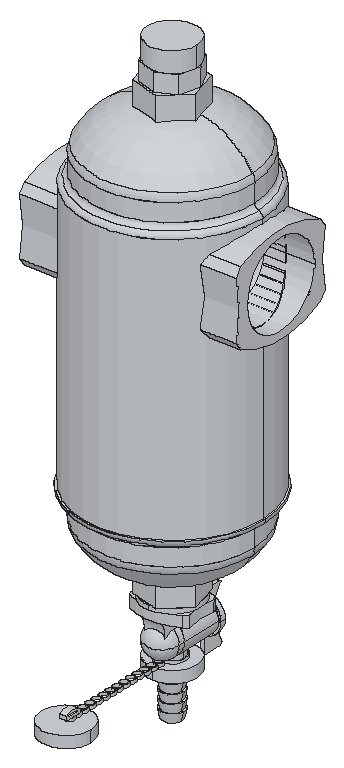
Revit family "Magnetic Dirt Separator-R146MY014", category Plumbing Fixtures, Revit 2015
Reference planes
  plane 1 "Center (Front/Back)": y = 0
  plane 2: z = 0
  plane 3 "Center (Left/Right)": x = 0
  plane 4: z = 191
  plane 5: z = 274
  plane 6: x = -40.5
  plane 7: x = 40.5
  plane 8: x = -48.5
  plane 9: x = 48.5
  plane 10: y = 27.082
  plane 11: y = -27.082
  plane 12: y = 27.082
  plane 13: y = -27.082
  plane 14: x = 27.082
  plane 15: x = -27.082
Forms (mm)
  Revolve 1, solid
    sketch origin (0, 0, 3) x (1, 0, 0) y (0, 0, 1)
      loop
        line (-40.5, 211.739) -> (-40.5, 90.761) -> (-41.5, 90.761)
        arc (-41.5, 90.761) -> (-40.94, 89.051) -> (-39.307, 88.292) r 2.26
        arc (-39.307, 88.292) -> (-37.572, 87.534) -> (-36.859, 85.781) r 2.512
        line (-36.859, 85.781) -> (-36.859, 77.938)
        arc (-36.859, 77.938) -> (-36.627, 76.169) -> (-35.945, 74.52) r 6.846
        arc (-35.945, 74.52) -> (-25.668, 63.62) -> (-11.589, 58.503) r 32.422
        line (-11.589, 58.503) -> (0, 58.503) -> (0, 244) -> (-11.591, 244)
        arc (-11.591, 244) -> (-25.673, 238.883) -> (-35.951, 227.981) r 32.426
        arc (-35.951, 227.981) -> (-36.634, 226.331) -> (-36.866, 224.561) r 6.849
        line (-36.866, 224.561) -> (-36.866, 216.561)
        arc (-36.866, 216.561) -> (-37.371, 215.051) -> (-38.683, 214.15) r 2.508
        arc (-38.683, 214.15) -> (-39.995, 213.248) -> (-40.5, 211.739) r 2.508
      axis (0, 244) -> (0, 58.503)
    angle from 0 to 360
  Extrusion 2, solid
    sketch origin (0, 0, 245.912) x (1, 0, 0) y (0, 1, 0)
      loop
        line (9.899, 9.899) -> (-3.623, 13.523) -> (-13.523, 3.623) -> (-9.899, -9.899) -> (3.623, -13.523) -> (13.523, -3.623) -> (9.899, 9.899)
    from -0.912 to 11.088
  Extrusion 3, solid
    sketch origin (0, 0, 257) x (1, 0, 0) y (0, 1, 0)
      loop
        line (7.713, 9.193) -> (-1.046, 11.954) -> (-9.193, 7.713) -> (-11.954, -1.046) -> (-7.713, -9.193) -> (1.046, -11.954) -> (9.193, -7.713) -> (11.954, 1.046) -> (7.713, 9.193)
    from 0 to 8
  Extrusion 4, solid
    sketch origin (0, 0, 265) x (1, 0, 0) y (0, 1, 0)
      loop
        circle (0, 0) r 11
    from 0 to 9
  Extrusion 5, solid
    sketch origin (-37.5, 0, 23.737) x (0, 1, 0) y (0, 0, -1)
      loop
        circle (0, -167.263) r 19
      loop
        line (22.059, -183.951) -> (24.672, -180.219)
        arc (24.672, -180.219) -> (23.424, -167.263) -> (24.672, -154.307) r 67.882
        line (24.672, -154.307) -> (22.059, -150.575)
        arc (22.059, -150.575) -> (0, -145.263) -> (-22.059, -150.575) r 48.457
        line (-22.059, -150.575) -> (-24.672, -154.307)
        arc (-24.672, -154.307) -> (-23.424, -167.263) -> (-24.672, -180.219) r 67.882
        line (-24.672, -180.219) -> (-22.059, -183.951)
        arc (-22.059, -183.951) -> (0, -189.263) -> (22.059, -183.951) r 48.457
    from -10.938 to 11.062
  Revolve 6, solid
    sketch origin (0, 0, 0) x (1, 0, 0) y (0, 0, 1)
      loop
        line (-5.119, 19.706) -> (-4.304, 15.76) -> (-5.119, 15.76) -> (-4.304, 11.814) -> (-5.119, 11.814) -> (-4.304, 7.868) -> (-5.119, 7.868) -> (-4.304, 3.922) -> (-5.119, 3.922) -> (-4.309, 0) -> (0, 0) -> (0, 19.706) -> (-5.119, 19.706)
      axis (0, 19.706) -> (0, 0)
    angle from 0 to 360
  Extrusion 7, solid
    sketch origin (0, 0, 51.5) x (0, -1, 0) y (1, 0, 0)
      loop
        line (-9.899, 9.899) -> (-13.523, -3.623) -> (-3.623, -13.523) -> (9.899, -9.899) -> (13.523, 3.623) -> (3.623, 13.523) -> (-9.899, 9.899)
    from -0.912 to 11.088
  Extrusion 8, solid
    sketch origin (0, 0, 43.706) x (0, -1, 0) y (1, 0, 0)
      loop
        circle (0, 0) r 11.105
      loop
        line (-8.942, -11.82) -> (-6.943, -13.221)
        arc (-6.943, -13.221) -> (0, -12.552) -> (6.943, -13.221) r 36.375
        line (6.943, -13.221) -> (8.942, -11.82)
        arc (8.942, -11.82) -> (11.789, 0) -> (8.942, 11.82) r 25.966
        line (8.942, 11.82) -> (6.943, 13.221)
        arc (6.943, 13.221) -> (0, 12.552) -> (-6.943, 13.221) r 36.375
        line (-6.943, 13.221) -> (-8.942, 11.82)
        arc (-8.942, 11.82) -> (-11.789, 0) -> (-8.942, -11.82) r 25.966
    from 0 to 5
  Extrusion 9, solid
    sketch origin (0, 0, 19.706) x (0, -1, 0) y (1, 0, 0)
      loop
        circle (0, 0) r 11
    from 0 to 4.971
  Extrusion 10, solid
    sketch origin (37.5, 0, 23.737) x (0, 1, 0) y (0, 0, 1)
      loop
        circle (0, 167.263) r 19
      loop
        arc (22.059, 183.951) -> (0, 189.263) -> (-22.059, 183.951) r 48.457
        line (-22.059, 183.951) -> (-24.672, 180.219)
        arc (-24.672, 180.219) -> (-23.424, 167.263) -> (-24.672, 154.307) r 67.882
        line (-24.672, 154.307) -> (-22.059, 150.575)
        arc (-22.059, 150.575) -> (0, 145.263) -> (22.059, 150.575) r 48.457
        line (22.059, 150.575) -> (24.672, 154.307)
        arc (24.672, 154.307) -> (23.424, 167.263) -> (24.672, 180.219) r 67.882
        line (24.672, 180.219) -> (22.059, 183.951)
    from -10.938 to 11.062
  Extrusion 11, solid
    sketch origin (0, 0, 44.706) x (0, -1, 0) y (1, 0, 0)
      loop
        circle (0, 0) r 13
    from 4 to 6
  Extrusion 12, solid
    sketch origin (0, -59.562, 19.677) x (-1, 0, 0) y (0, -1, 0)
      loop
        circle (0, 0) r 11
    from 0 to 5
  Extrusion 13, solid
    sketch origin (0, 10.938, -134.258) x (1, 0, 0) y (0, 0, -1)
      loop
        circle (0, -167.996) r 7.5
    from -13.595 to 5.209
  Revolve 14, solid
    sketch origin (0, -2.656, 33.727) x (0, -1, 0) y (1, 0, 0)
      loop
        line (0, 7.5) -> (0, 0) -> (10.635, 0)
        arc (10.635, 0) -> (8.319, 5.314) -> (2.95, 7.5) r 7.687
        line (2.95, 7.5) -> (0, 7.5)
      axis (0, 0) -> (10.635, 0)
    angle from 0 to 360
  Extrusion 15, solid
    sketch origin (0, 0, 14.706) x (-1, 0, 0) y (0, -1, 0)
      loop
        circle (0, 0) r 5.119
    from 9.971 to 16.528
  Revolve 16, solid
    sketch origin (0, 16.384, 33.727) x (0, 1, 0) y (-1, 0, 0)
      loop
        line (0.632, -8.291) -> (2.722, -8.291)
        arc (2.722, -8.291) -> (3.657, -4.191) -> (4.004, 0) r 29.769
        line (4.004, 0) -> (-1.726, 0) -> (-1.726, -5.865) -> (2.031, -5.865) -> (2.031, -7.491) -> (0.632, -7.491) -> (0.632, -8.291)
      axis (-1.726, 0) -> (4.004, 0)
    angle from 0 to 360
  Extrusion 17, solid
    sketch origin (4.688, 0, 0) x (0, -1, 0) y (0, 0, 1)
      loop
        line (11.329, 43.706) -> (-11.171, 43.706)
        arc (-11.171, 43.706) -> (-9.919, 40.677) -> (-9.876, 37.399) r 8.706
        line (-9.876, 37.399) -> (10.033, 37.399)
        arc (10.033, 37.399) -> (10.077, 40.677) -> (11.329, 43.706) r 8.706
    from -0.08 to 9.224
  Extrusion 18, solid
    sketch origin (1, 0, 0) x (0, -1, 0) y (0, 0, 1)
      loop
        line (-17.015, 42.013) -> (-17.015, 44.152) -> (-25.165, 44.152)
        arc (-25.165, 44.152) -> (-25.684, 43.831) -> (-25.628, 43.224) r 0.579
        line (-25.628, 43.224) -> (-20.328, 34.998)
        arc (-20.328, 34.998) -> (-19.907, 38.541) -> (-19.091, 42.013) r 31.634
        line (-19.091, 42.013) -> (-17.015, 42.013)
      loop
        line (-17.017, 25.437) -> (-19.084, 25.437)
        arc (-19.084, 25.437) -> (-19.905, 28.921) -> (-20.328, 32.476) r 31.634
        line (-20.328, 32.476) -> (-26.147, 19.717)
        arc (-26.147, 19.717) -> (-26.054, 18.428) -> (-24.921, 17.809) r 1.348
        line (-24.921, 17.809) -> (-17.017, 17.809) -> (-17.017, 25.437)
    from 0 to 2
  Extrusion 19, solid
    sketch origin (0, 0, 24.677) x (0, -1, 0) y (1, 0, 0)
      loop
        arc (9.667, 0.599) -> (7.817, 2.01) -> (5.874, 0.731) r 2.011
        arc (5.874, 0.731) -> (-0.366, 5.908) -> (-5.919, 0) r 5.919
        arc (-5.919, 0) -> (-0.366, -5.908) -> (5.874, -0.731) r 5.919
        arc (5.874, -0.731) -> (7.817, -2.01) -> (9.667, -0.599) r 2.011
        arc (9.667, -0.599) -> (11.587, -2.011) -> (13.506, -0.599) r 2.011
        arc (13.506, -0.599) -> (15.426, -2.011) -> (17.346, -0.599) r 2.011
        arc (17.346, -0.599) -> (19.265, -2.011) -> (21.185, -0.599) r 2.011
        arc (21.185, -0.599) -> (23.104, -2.011) -> (25.024, -0.599) r 2.011
        arc (25.024, -0.599) -> (26.944, -2.011) -> (28.863, -0.599) r 2.011
        arc (28.863, -0.599) -> (30.783, -2.011) -> (32.702, -0.599) r 2.011
        arc (32.702, -0.599) -> (34.622, -2.011) -> (36.541, -0.599) r 2.011
        arc (36.541, -0.599) -> (38.461, -2.011) -> (40.381, -0.599) r 2.011
        arc (40.381, -0.599) -> (42.3, -2.011) -> (44.22, -0.599) r 2.011
        arc (44.22, -0.599) -> (46.139, -2.011) -> (48.059, -0.599) r 2.011
        arc (48.059, -0.599) -> (49.979, -2.011) -> (51.898, -0.599) r 2.011
        arc (51.898, -0.599) -> (53.818, -2.011) -> (55.737, -0.599) r 2.011
        arc (55.737, -0.599) -> (57.96, -1.988) -> (59.668, 0) r 2.011
        arc (59.668, 0) -> (57.96, 1.988) -> (55.737, 0.599) r 2.011
        arc (55.737, 0.599) -> (53.818, 2.011) -> (51.898, 0.599) r 2.011
        arc (51.898, 0.599) -> (49.979, 2.011) -> (48.059, 0.599) r 2.011
        arc (48.059, 0.599) -> (46.139, 2.011) -> (44.22, 0.599) r 2.011
        arc (44.22, 0.599) -> (42.3, 2.011) -> (40.381, 0.599) r 2.011
        arc (40.381, 0.599) -> (38.461, 2.011) -> (36.541, 0.599) r 2.011
        arc (36.541, 0.599) -> (34.622, 2.011) -> (32.702, 0.599) r 2.011
        arc (32.702, 0.599) -> (30.783, 2.011) -> (28.863, 0.599) r 2.011
        arc (28.863, 0.599) -> (26.944, 2.011) -> (25.024, 0.599) r 2.011
        arc (25.024, 0.599) -> (23.104, 2.011) -> (21.185, 0.599) r 2.011
        arc (21.185, 0.599) -> (19.265, 2.011) -> (17.346, 0.599) r 2.011
        arc (17.346, 0.599) -> (15.426, 2.011) -> (13.506, 0.599) r 2.011
        arc (13.506, 0.599) -> (11.587, 2.011) -> (9.667, 0.599) r 2.011
      loop
        circle (7.748, 0) r 1.828
      loop
        circle (11.587, 0) r 1.828
      loop
        circle (15.426, 0) r 1.828
      loop
        circle (19.265, 0) r 1.828
      loop
        circle (23.104, 0) r 1.828
      loop
        circle (26.944, 0) r 1.828
      loop
        circle (30.783, 0) r 1.828
      loop
        circle (34.622, 0) r 1.828
      loop
        circle (38.461, 0) r 1.828
      loop
        circle (42.3, 0) r 1.828
      loop
        circle (46.139, 0) r 1.828
      loop
        circle (49.979, 0) r 1.828
      loop
        circle (53.818, 0) r 1.828
      loop
        circle (0, 0) r 5.119
      loop
        circle (57.657, 0) r 1.828
    from 0 to 1
  Extrusion 20, solid
    sketch origin (0, 1.905, -3.024) x (0, -1, 0) y (0, 0, 1)
      loop
        line (55.828, 28.935) -> (63.295, 28.935) -> (63.295, 30.576)
        arc (63.295, 30.576) -> (59.562, 31.656) -> (55.828, 30.576) r 6.992
        line (55.828, 30.576) -> (55.828, 28.935)
      loop
        arc (62.495, 30.585) -> (59.562, 30.853) -> (56.628, 30.585) r 16.148
        line (56.628, 30.585) -> (56.628, 29.735) -> (62.495, 29.735) -> (62.495, 30.585)
    from -1.539 to 1.47
  Extrusion 21, solid
    sketch origin (0, -59.562, 27.373) x (-1, 0, 0) y (0, -1, 0)
      loop
        circle (0, -1.905) r 1.5
    from -3.516 to -1.461
  Extrusion 22, void
    sketch origin (0, 0, 0) x (0, 1, 0) y (0, 0, 1)
      loop
        circle (0, 191) r 19
    from -97.08 to 100
Cuts and joins
  Extrusion 22 cuts Revolve 1
  Extrusion 22 cuts Extrusion 10
Dimensions and locks
  plane 7 to plane 6 = 81 mm
  plane 2 to plane 5 = 274 mm
  plane 2 to plane 4 = 191 mm
  equal spacing: plane 8, plane 3 "Center (Left/Right)", plane 9
  plane 9 to plane 3 "Center (Left/Right)" = 48.5 mm  (x2)
  plane 8 to plane 9 = 97 mm
  aligned and locked: level to plane 2
Automatic sketch dimensions
  Extrusion 2 sketch curve to plane 1 "Center (Front/Back)" = 3.623 mm
  Extrusion 2 sketch curve to plane 3 "Center (Left/Right)" = 13.523 mm
  Extrusion 2 sketch curve to plane 3 "Center (Left/Right)" = 9.899 mm
  Extrusion 2 sketch curve to plane 3 "Center (Left/Right)" = 3.623 mm
  plane 3 "Center (Left/Right)" to Extrusion 2 sketch curve = 3.623 mm
  plane 3 "Center (Left/Right)" to Extrusion 2 sketch curve = 9.899 mm
  plane 1 "Center (Front/Back)" to Extrusion 2 sketch curve = 3.623 mm
  plane 3 "Center (Left/Right)" to Extrusion 2 sketch curve = 13.523 mm
  plane 1 "Center (Front/Back)" to Extrusion 2 sketch curve = 9.899 mm
  plane 1 "Center (Front/Back)" to Extrusion 2 sketch curve = 13.523 mm
  Extrusion 2 sketch curve to plane 1 "Center (Front/Back)" = 9.899 mm
  Extrusion 2 sketch curve to plane 1 "Center (Front/Back)" = 13.523 mm
  plane 1 "Center (Front/Back)" to Extrusion 3 sketch curve = 1.046 mm
  Extrusion 3 sketch curve to plane 3 "Center (Left/Right)" = 11.954 mm
  Extrusion 3 sketch curve to Extrusion 3 sketch curve = 2.762 mm  (x3)
  Extrusion 3 sketch curve to plane 3 "Center (Left/Right)" = 7.713 mm
  Extrusion 3 sketch curve to plane 3 "Center (Left/Right)" = 1.046 mm
  plane 3 "Center (Left/Right)" to Extrusion 3 sketch curve = 1.046 mm
  plane 3 "Center (Left/Right)" to Extrusion 3 sketch curve = 7.713 mm
  Extrusion 3 sketch curve to Extrusion 3 sketch curve = 8.147 mm  (x3)
  Extrusion 3 sketch curve to plane 1 "Center (Front/Back)" = 1.046 mm
  plane 1 "Center (Front/Back)" to Extrusion 3 sketch curve = 7.713 mm
  Extrusion 3 sketch curve to plane 1 "Center (Front/Back)" = 7.713 mm
  Extrusion 3 sketch curve to Extrusion 3 sketch curve = 4.241 mm
  plane 1 "Center (Front/Back)" to Extrusion 4 sketch curve = 0 mm
  Extrusion 4 sketch curve to plane 3 "Center (Left/Right)" = 0 mm
  Revolve 6 sketch curve to level = 0 mm  (x2)
  Revolve 6 sketch curve to plane 3 "Center (Left/Right)" = 0 mm  (x2)
  Revolve 6 sketch curve to plane 3 "Center (Left/Right)" = 4.304 mm  (x2)
  Revolve 6 sketch curve to Revolve 6 sketch curve = 0 mm  (x3)
  Revolve 6 sketch curve to Revolve 6 sketch curve = 0.005 mm
  Revolve 6 sketch curve to Revolve 6 sketch curve = 0.815 mm  (x4)
  level to Revolve 6 sketch curve = 3.922 mm
  Revolve 6 sketch curve to Revolve 6 sketch curve = 3.946 mm  (x4)
  Revolve 6 sketch curve to level = 13.856 mm
  Extrusion 7 sketch curve to plane 3 "Center (Left/Right)" = 3.623 mm
  Extrusion 7 sketch curve to plane 1 "Center (Front/Back)" = 13.523 mm
  Extrusion 7 sketch curve to plane 1 "Center (Front/Back)" = 9.899 mm
  Extrusion 7 sketch curve to plane 1 "Center (Front/Back)" = 3.623 mm
  plane 1 "Center (Front/Back)" to Extrusion 7 sketch curve = 3.623 mm
  plane 1 "Center (Front/Back)" to Extrusion 7 sketch curve = 9.899 mm
  plane 3 "Center (Left/Right)" to Extrusion 7 sketch curve = 3.623 mm
  plane 1 "Center (Front/Back)" to Extrusion 7 sketch curve = 13.523 mm
  Extrusion 7 sketch curve to plane 3 "Center (Left/Right)" = 9.899 mm
  Extrusion 7 sketch curve to plane 3 "Center (Left/Right)" = 13.523 mm
  plane 3 "Center (Left/Right)" to Extrusion 7 sketch curve = 9.899 mm
  plane 3 "Center (Left/Right)" to Extrusion 7 sketch curve = 13.523 mm
  Extrusion 8 sketch curve to plane 3 "Center (Left/Right)" = 0 mm  (x3)
  plane 1 "Center (Front/Back)" to Extrusion 8 sketch curve = 0 mm  (x3)
  Extrusion 8 sketch curve to plane 1 "Center (Front/Back)" = 6.943 mm  (x2)
  Extrusion 8 sketch curve to Extrusion 8 sketch curve = 2 mm  (x4)
  Extrusion 8 sketch curve to Extrusion 8 sketch curve = 5.235 mm  (x2)
  plane 1 "Center (Front/Back)" to Extrusion 8 sketch curve = 6.943 mm  (x2)
  Extrusion 8 sketch curve to plane 3 "Center (Left/Right)" = 11.82 mm  (x2)
  Extrusion 8 sketch curve to Extrusion 8 sketch curve = 1.4 mm  (x2)
  plane 8 to Extrusion 8 sketch curve = 0.427 mm
  Extrusion 8 sketch curve to plane 9 = 0.427 mm
  plane 1 "Center (Front/Back)" to Extrusion 9 sketch curve = 0 mm
  Extrusion 9 sketch curve to plane 3 "Center (Left/Right)" = 0 mm
  plane 1 "Center (Front/Back)" to Extrusion 11 sketch curve = 0 mm
  Extrusion 11 sketch curve to plane 3 "Center (Left/Right)" = 0 mm
  Extrusion 13 sketch curve to plane 3 "Center (Left/Right)" = 0 mm
  Revolve 14 sketch curve to plane 3 "Center (Left/Right)" = 0 mm  (x2)
  plane 1 "Center (Front/Back)" to Revolve 14 sketch curve = 2.656 mm
  Revolve 14 sketch curve to plane 3 "Center (Left/Right)" = 0.187 mm
  Revolve 14 sketch curve to Revolve 14 sketch curve = 2.95 mm
  Revolve 14 sketch curve to Revolve 14 sketch curve = 7.684 mm
  Revolve 14 sketch curve to Revolve 14 sketch curve = 0.693 mm
  Revolve 14 sketch curve to plane 1 "Center (Front/Back)" = 4.745 mm
  Extrusion 15 sketch curve to Extrusion 15 sketch curve = 0 mm  (x2)
  plane 1 "Center (Front/Back)" to Extrusion 15 sketch curve = 0 mm
  Extrusion 15 sketch curve to plane 3 "Center (Left/Right)" = 0 mm
  plane 3 "Center (Left/Right)" to Extrusion 15 sketch curve = 5.119 mm
  Revolve 16 sketch curve to plane 3 "Center (Left/Right)" = 0 mm  (x2)
  Revolve 16 sketch curve to plane 3 "Center (Left/Right)" = 0.359 mm
  plane 1 "Center (Front/Back)" to Revolve 16 sketch curve = 9.379 mm
  Revolve 16 sketch curve to plane 1 "Center (Front/Back)" = 14.658 mm
  Revolve 16 sketch curve to Revolve 16 sketch curve = 2.358 mm
  Revolve 16 sketch curve to Revolve 16 sketch curve = 1.4 mm
  Revolve 16 sketch curve to Revolve 16 sketch curve = 0.691 mm
  Revolve 16 sketch curve to Revolve 16 sketch curve = 5.73 mm
  Revolve 16 sketch curve to Revolve 16 sketch curve = 0.8 mm
  Revolve 16 sketch curve to Revolve 16 sketch curve = 1.626 mm
  Revolve 16 sketch curve to Revolve 16 sketch curve = 5.675 mm
  Revolve 16 sketch curve to Revolve 16 sketch curve = 1.033 mm
  Extrusion 17 sketch curve to plane 1 "Center (Front/Back)" = 18.447 mm
  Extrusion 17 sketch curve to Extrusion 17 sketch curve = 7.276 mm  (x2)
  Extrusion 17 sketch curve to Extrusion 17 sketch curve = 1.296 mm  (x2)
  plane 1 "Center (Front/Back)" to Extrusion 17 sketch curve = 10.033 mm
  Extrusion 17 sketch curve to Extrusion 17 sketch curve = 1.526 mm
  Extrusion 18 sketch curve to plane 1 "Center (Front/Back)" = 26.147 mm
  Extrusion 18 sketch curve to Extrusion 18 sketch curve = 0.519 mm
  Extrusion 18 sketch curve to Extrusion 18 sketch curve = 0.463 mm
  Extrusion 18 sketch curve to Extrusion 18 sketch curve = 1.227 mm
  Extrusion 18 sketch curve to Extrusion 18 sketch curve = 5.3 mm
  Extrusion 18 sketch curve to Extrusion 18 sketch curve = 0 mm  (x2)
  Extrusion 18 sketch curve to Extrusion 18 sketch curve = 6.074 mm
  Extrusion 18 sketch curve to Extrusion 18 sketch curve = 1.244 mm
  Extrusion 18 sketch curve to Extrusion 18 sketch curve = 2.066 mm
  Extrusion 18 sketch curve to Extrusion 18 sketch curve = 2.076 mm
  plane 1 "Center (Front/Back)" to Extrusion 18 sketch curve = 11.246 mm
  Extrusion 18 sketch curve to Extrusion 18 sketch curve = 7.015 mm
  Extrusion 18 sketch curve to Extrusion 18 sketch curve = 1.379 mm
  Extrusion 18 sketch curve to Extrusion 18 sketch curve = 2.522 mm
  Extrusion 18 sketch curve to Extrusion 18 sketch curve = 5.72 mm
  Extrusion 18 sketch curve to Extrusion 18 sketch curve = 0.559 mm
  Extrusion 18 sketch curve to Extrusion 18 sketch curve = 0.349 mm
  Revolve 1 sketch curve to plane 6 = 0 mm
  Revolve 1 sketch curve to plane 3 "Center (Left/Right)" = 0 mm  (x2)
  Revolve 1 sketch curve to Revolve 1 sketch curve = 1 mm
  plane 6 to Revolve 1 sketch curve = 1.126 mm
  plane 6 to Revolve 1 sketch curve = 1.129 mm
  plane 6 to Revolve 1 sketch curve = 1.25 mm
  plane 6 to Revolve 1 sketch curve = 2.508 mm
  plane 6 to Revolve 1 sketch curve = 3.634 mm
  plane 6 to Revolve 1 sketch curve = 3.641 mm
  Revolve 1 sketch curve to Revolve 1 sketch curve = 6.849 mm
  Revolve 1 sketch curve to Revolve 1 sketch curve = 6.846 mm
  Revolve 1 sketch curve to Revolve 1 sketch curve = 11.591 mm
  Revolve 1 sketch curve to Revolve 1 sketch curve = 11.589 mm
  Revolve 1 sketch curve to plane 3 "Center (Left/Right)" = 7.857 mm
  Revolve 1 sketch curve to plane 3 "Center (Left/Right)" = 7.853 mm
  Revolve 1 sketch curve to Revolve 1 sketch curve = 19.435 mm
  Revolve 1 sketch curve to Revolve 1 sketch curve = 7.843 mm
  Revolve 1 sketch curve to Revolve 1 sketch curve = 4.771 mm
  Revolve 1 sketch curve to Revolve 1 sketch curve = 12.771 mm
  Revolve 1 sketch curve to Revolve 1 sketch curve = 0.21 mm
  plane 4 to Revolve 1 sketch curve = 23.739 mm
  plane 4 to Revolve 1 sketch curve = 23.79 mm
  Revolve 1 sketch curve to Revolve 1 sketch curve = 4.822 mm
  Revolve 1 sketch curve to Revolve 1 sketch curve = 8 mm
  Revolve 1 sketch curve to plane 5 = 27 mm
  plane 5 to Revolve 1 sketch curve = 43 mm
  Revolve 1 sketch curve to Revolve 1 sketch curve = 140 mm
  Extrusion 12 sketch curve to plane 3 "Center (Left/Right)" = 0 mm
  plane 1 "Center (Front/Back)" to Extrusion 12 sketch curve = 59.562 mm
  Extrusion 19 sketch curve to Extrusion 19 sketch curve = 0 mm  (x180)
  Extrusion 19 sketch curve to plane 3 "Center (Left/Right)" = 0 mm  (x15)
  plane 1 "Center (Front/Back)" to Extrusion 19 sketch curve = 0 mm
  plane 1 "Center (Front/Back)" to Extrusion 19 sketch curve = 7.748 mm
  Extrusion 19 sketch curve to Extrusion 19 sketch curve = 3.839 mm  (x13)
  Extrusion 19 sketch curve to Extrusion 19 sketch curve = 5.119 mm
  Extrusion 19 sketch curve to Extrusion 19 sketch curve = 0.8 mm
  plane 3 "Center (Left/Right)" to Extrusion 19 sketch curve = 0.731 mm
  Extrusion 19 sketch curve to plane 3 "Center (Left/Right)" = 0.731 mm
  Extrusion 19 sketch curve to Extrusion 19 sketch curve = 0.045 mm
  Extrusion 19 sketch curve to plane 3 "Center (Left/Right)" = 0.599 mm  (x12)
  plane 3 "Center (Left/Right)" to Extrusion 19 sketch curve = 0.599 mm  (x13)
  Extrusion 19 sketch curve to Extrusion 19 sketch curve = 0.183 mm  (x13)
  Extrusion 21 sketch curve to Extrusion 21 sketch curve = 0 mm  (x2)
  Extrusion 21 sketch curve to plane 3 "Center (Left/Right)" = 0 mm
  plane 1 "Center (Front/Back)" to Extrusion 21 sketch curve = 57.657 mm
  Extrusion 21 sketch curve to Extrusion 21 sketch curve = 1.5 mm
  Extrusion 20 sketch curve to Extrusion 20 sketch curve = 0.8 mm  (x3)
  Extrusion 20 sketch curve to Extrusion 20 sketch curve = 0 mm
  Extrusion 20 sketch curve to Extrusion 20 sketch curve = 2.933 mm
  Extrusion 20 sketch curve to Extrusion 20 sketch curve = 4.272 mm
  Extrusion 20 sketch curve to Extrusion 20 sketch curve = 9.958 mm
  Extrusion 20 sketch curve to Extrusion 20 sketch curve = 0.009 mm  (x2)
  plane 1 "Center (Front/Back)" to Extrusion 20 sketch curve = 53.924 mm
  Extrusion 20 sketch curve to Extrusion 20 sketch curve = 0.84 mm
  Extrusion 5 sketch curve to plane 4 = 0 mm  (x3)
  Extrusion 5 sketch curve to plane 1 "Center (Front/Back)" = 0 mm  (x3)
  plane 11 to Extrusion 5 sketch curve = 5.023 mm  (x2)
  plane 11 to Extrusion 5 sketch curve = 2.41 mm  (x2)
  Extrusion 5 sketch curve to plane 11 = 64.224 mm
  plane 10 to Extrusion 5 sketch curve = 5.023 mm  (x2)
  plane 10 to Extrusion 5 sketch curve = 2.41 mm  (x2)
  Extrusion 5 sketch curve to plane 10 = 64.224 mm
  plane 4 to Extrusion 5 sketch curve = 12.956 mm  (x2)
  Extrusion 5 sketch curve to Extrusion 5 sketch curve = 3.732 mm  (x2)
  Extrusion 5 sketch curve to Extrusion 5 sketch curve = 9.769 mm  (x2)
  Extrusion 10 sketch curve to plane 4 = 0 mm  (x3)
  Extrusion 10 sketch curve to plane 1 "Center (Front/Back)" = 0 mm  (x3)
  plane 13 to Extrusion 10 sketch curve = 5.023 mm  (x2)
  plane 13 to Extrusion 10 sketch curve = 2.41 mm  (x2)
  Extrusion 10 sketch curve to plane 13 = 64.224 mm
  plane 12 to Extrusion 10 sketch curve = 5.023 mm  (x2)
  plane 12 to Extrusion 10 sketch curve = 2.41 mm  (x2)
  Extrusion 10 sketch curve to plane 12 = 64.224 mm
  Extrusion 10 sketch curve to plane 4 = 12.956 mm  (x2)
  Extrusion 10 sketch curve to Extrusion 10 sketch curve = 3.732 mm  (x2)
  Extrusion 10 sketch curve to Extrusion 10 sketch curve = 9.769 mm  (x2)
  level to Revolve 1 sketch curve = 93.761 mm
  level to Extrusion 13 sketch curve = 33.737 mm
  level to Extrusion 17 sketch curve = 37.399 mm
  level to Extrusion 18 sketch curve = 17.809 mm
  Extrusion 18 sketch curve to Extrusion 18 sketch curve = 1.211 mm
  level to Extrusion 20 sketch curve = 11.681 mm
  Extrusion 22 sketch curve to Extrusion 22 sketch curve = 0 mm  (x2)
  Extrusion 22 sketch curve to plane 4 = 0 mm
  Extrusion 22 sketch curve to plane 1 "Center (Front/Back)" = 0 mm
  plane 1 "Center (Front/Back)" to Extrusion 22 sketch curve = 19 mm
  radius of Extrusion 4 sketch curve = 11 mm
  radius of Extrusion 8 sketch curve = 11.105 mm
  radius of Extrusion 9 sketch curve = 11 mm
  radius of Extrusion 11 sketch curve = 13 mm
  radius of Extrusion 13 sketch curve = 7.5 mm
  radius of Extrusion 12 sketch curve = 11 mm
  radius of Extrusion 5 sketch curve = 19 mm
  radius of Extrusion 10 sketch curve = 19 mm
